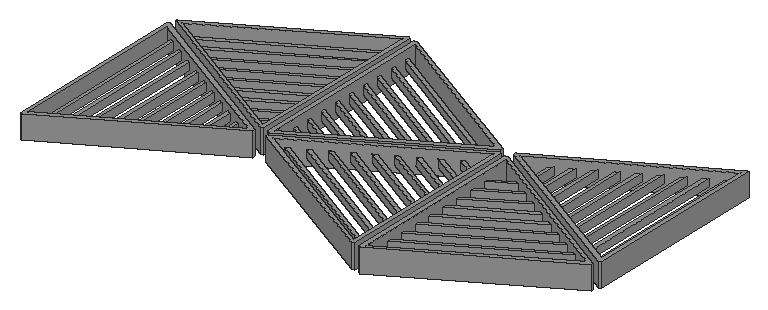
Revit family "CLD-FMD-004_RTV", category Modelos genéricos, Revit 2022
Family settings
  Puede alojar armadura = No
  Cota de conector redondo = Diámetro de uso
  Tipo de pieza = Normal
  Se basa en plano de trabajo = No
  Siempre vertical = Sí
  Corte con vacíos al cargar = No
  Mantener orientación de anotación = No
  Compartido = No
  Punto de cálculo de habitación = No
Parameters
  Elevación por defecto = 0.00"
Reference planes (in)
  plane 1 "Centro (Frontal/Posterior)": y = 0
  plane 2: z = 0
  plane 3 "Centro (Izquierda/Derecha)": x = 0
Forms (in)
  Extrusion 1, solid, not visible
    sketch origin (0, 0, 0) x (1, 0, 0) y (0, 1, 0)
      loop
        line (0, 2.25) -> (0, 0) -> (108, 0) -> (108, 2.25) -> (0, 2.25)
    from 0 to 8
  Extrusion 2, solid, not visible
    sketch origin (0, 0, 0) x (1, 0, 0) y (0, 1, 0)
      loop
        line (0, 2.25) -> (0, 0) -> (108, 0) -> (108, 2.25) -> (0, 2.25)
    from 0 to 8
  Extrusion 3, solid, not visible
    sketch origin (0, 8, 0) x (1, 0, 0) y (0, 1, 0)
      loop
        line (0, 2.25) -> (0, 0) -> (108, 0) -> (108, 2.25) -> (0, 2.25)
    from 0 to 8
  Extrusion 4, solid, not visible
    sketch origin (0, 16, 0) x (1, 0, 0) y (0, 1, 0)
      loop
        line (0, 2.25) -> (0, 0) -> (108, 0) -> (108, 2.25) -> (0, 2.25)
    from 0 to 8
  Extrusion 5, solid, not visible
    sketch origin (0, 24, 0) x (1, 0, 0) y (0, 1, 0)
      loop
        line (0, 2.25) -> (0, 0) -> (108, 0) -> (108, 2.25) -> (0, 2.25)
    from 0 to 8
  Extrusion 6, solid, not visible
    sketch origin (0, 32, 0) x (1, 0, 0) y (0, 1, 0)
      loop
        line (0, 2.25) -> (0, 0) -> (108, 0) -> (108, 2.25) -> (0, 2.25)
    from 0 to 8
  Extrusion 7, solid, not visible
    sketch origin (0, 40, 0) x (1, 0, 0) y (0, 1, 0)
      loop
        line (0, 2.25) -> (0, 0) -> (108, 0) -> (108, 2.25) -> (0, 2.25)
    from 0 to 8
  Extrusion 8, solid, not visible
    sketch origin (0, 48, 0) x (1, 0, 0) y (0, 1, 0)
      loop
        line (0, 2.25) -> (0, 0) -> (108, 0) -> (108, 2.25) -> (0, 2.25)
    from 0 to 8
  Extrusion 9, solid, not visible
    sketch origin (0, 56, 0) x (1, 0, 0) y (0, 1, 0)
      loop
        line (0, 2.25) -> (0, 0) -> (108, 0) -> (108, 2.25) -> (0, 2.25)
    from 0 to 8
  Extrusion 10, solid, not visible
    sketch origin (0, 64, 0) x (1, 0, 0) y (0, 1, 0)
      loop
        line (0, 2.25) -> (0, 0) -> (108, 0) -> (108, 2.25) -> (0, 2.25)
    from 0 to 8
  Extrusion 11, solid, not visible
    sketch origin (0, 72, 0) x (1, 0, 0) y (0, 1, 0)
      loop
        line (0, 2.25) -> (0, 0) -> (108, 0) -> (108, 2.25) -> (0, 2.25)
    from 0 to 8
  Extrusion 12, solid, not visible
    sketch origin (0, 80, 0) x (1, 0, 0) y (0, 1, 0)
      loop
        line (0, 2.25) -> (0, 0) -> (108, 0) -> (108, 2.25) -> (0, 2.25)
    from 0 to 8
  Extrusion 13, solid, not visible
    sketch origin (0, 88, 0) x (1, 0, 0) y (0, 1, 0)
      loop
        line (0, 2.25) -> (0, 0) -> (108, 0) -> (108, 2.25) -> (0, 2.25)
    from 0 to 8
  Extrusion 14, solid, not visible
    sketch origin (0, 96, 0) x (1, 0, 0) y (0, 1, 0)
      loop
        line (0, 2.25) -> (0, 0) -> (108, 0) -> (108, 2.25) -> (0, 2.25)
    from 0 to 8
  Extrusion 15, solid, not visible
    sketch origin (0, 104, 0) x (1, 0, 0) y (0, 1, 0)
      loop
        line (0, 2.25) -> (0, 0) -> (108, 0) -> (108, 2.25) -> (0, 2.25)
    from 0 to 8
  Extrusion 16, solid, not visible
    sketch origin (0, 112, 0) x (1, 0, 0) y (0, 1, 0)
      loop
        line (0, 2.25) -> (0, 0) -> (108, 0) -> (108, 2.25) -> (0, 2.25)
    from 0 to 8
  Extrusion 17, solid, not visible
    sketch origin (0, 120, 0) x (1, 0, 0) y (0, 1, 0)
      loop
        line (0, 2.25) -> (0, 0) -> (108, 0) -> (108, 2.25) -> (0, 2.25)
    from 0 to 8
  Extrusion 18, solid, not visible
    sketch origin (0, 128, 0) x (1, 0, 0) y (0, 1, 0)
      loop
        line (0, 2.25) -> (0, 0) -> (108, 0) -> (108, 2.25) -> (0, 2.25)
    from 0 to 8
  Extrusion 19, solid, not visible
    sketch origin (0, 136, 0) x (1, 0, 0) y (0, 1, 0)
      loop
        line (0, 2.25) -> (0, 0) -> (108, 0) -> (108, 2.25) -> (0, 2.25)
    from 0 to 8
  Extrusion 20, solid, not visible
    sketch origin (0, 144, 0) x (1, 0, 0) y (0, 1, 0)
      loop
        line (0, 2.25) -> (0, 0) -> (108, 0) -> (108, 2.25) -> (0, 2.25)
    from 0 to 8
  Extrusion 21, solid, not visible
    sketch origin (0, 152, 0) x (1, 0, 0) y (0, 1, 0)
      loop
        line (0, 2.25) -> (0, 0) -> (108, 0) -> (108, 2.25) -> (0, 2.25)
    from 0 to 8
  Extrusion 22, solid, not visible
    sketch origin (109, 0, 0) x (1, 0, 0) y (0, 1, 0)
      loop
        line (0, 2.25) -> (0, 0) -> (108, 0) -> (108, 2.25) -> (0, 2.25)
    from 0 to 8
  Extrusion 23, solid, not visible
    sketch origin (109, 8, 0) x (1, 0, 0) y (0, 1, 0)
      loop
        line (0, 2.25) -> (0, 0) -> (108, 0) -> (108, 2.25) -> (0, 2.25)
    from 0 to 8
  Extrusion 24, solid, not visible
    sketch origin (109, 16, 0) x (1, 0, 0) y (0, 1, 0)
      loop
        line (0, 2.25) -> (0, 0) -> (108, 0) -> (108, 2.25) -> (0, 2.25)
    from 0 to 8
  Extrusion 25, solid, not visible
    sketch origin (109, 24, 0) x (1, 0, 0) y (0, 1, 0)
      loop
        line (0, 2.25) -> (0, 0) -> (108, 0) -> (108, 2.25) -> (0, 2.25)
    from 0 to 8
  Extrusion 26, solid, not visible
    sketch origin (109, 32, 0) x (1, 0, 0) y (0, 1, 0)
      loop
        line (0, 2.25) -> (0, 0) -> (108, 0) -> (108, 2.25) -> (0, 2.25)
    from 0 to 8
  Extrusion 27, solid, not visible
    sketch origin (109, 40, 0) x (1, 0, 0) y (0, 1, 0)
      loop
        line (0, 2.25) -> (0, 0) -> (108, 0) -> (108, 2.25) -> (0, 2.25)
    from 0 to 8
  Extrusion 28, solid, not visible
    sketch origin (109, 48, 0) x (1, 0, 0) y (0, 1, 0)
      loop
        line (0, 2.25) -> (0, 0) -> (108, 0) -> (108, 2.25) -> (0, 2.25)
    from 0 to 8
  Extrusion 29, solid, not visible
    sketch origin (109, 56, 0) x (1, 0, 0) y (0, 1, 0)
      loop
        line (0, 2.25) -> (0, 0) -> (108, 0) -> (108, 2.25) -> (0, 2.25)
    from 0 to 8
  Extrusion 30, solid, not visible
    sketch origin (109, 64, 0) x (1, 0, 0) y (0, 1, 0)
      loop
        line (0, 2.25) -> (0, 0) -> (108, 0) -> (108, 2.25) -> (0, 2.25)
    from 0 to 8
  Extrusion 31, solid, not visible
    sketch origin (109, 72, 0) x (1, 0, 0) y (0, 1, 0)
      loop
        line (0, 2.25) -> (0, 0) -> (108, 0) -> (108, 2.25) -> (0, 2.25)
    from 0 to 8
  Extrusion 32, solid, not visible
    sketch origin (109, 80, 0) x (1, 0, 0) y (0, 1, 0)
      loop
        line (0, 2.25) -> (0, 0) -> (108, 0) -> (108, 2.25) -> (0, 2.25)
    from 0 to 8
  Extrusion 33, solid, not visible
    sketch origin (109, 88, 0) x (1, 0, 0) y (0, 1, 0)
      loop
        line (0, 2.25) -> (0, 0) -> (108, 0) -> (108, 2.25) -> (0, 2.25)
    from 0 to 8
  Extrusion 34, solid, not visible
    sketch origin (109, 96, 0) x (1, 0, 0) y (0, 1, 0)
      loop
        line (0, 2.25) -> (0, 0) -> (108, 0) -> (108, 2.25) -> (0, 2.25)
    from 0 to 8
  Extrusion 35, solid, not visible
    sketch origin (109, 104, 0) x (1, 0, 0) y (0, 1, 0)
      loop
        line (0, 2.25) -> (0, 0) -> (108, 0) -> (108, 2.25) -> (0, 2.25)
    from 0 to 8
  Extrusion 36, solid, not visible
    sketch origin (109, 112, 0) x (1, 0, 0) y (0, 1, 0)
      loop
        line (0, 2.25) -> (0, 0) -> (108, 0) -> (108, 2.25) -> (0, 2.25)
    from 0 to 8
  Extrusion 37, solid, not visible
    sketch origin (109, 120, 0) x (1, 0, 0) y (0, 1, 0)
      loop
        line (0, 2.25) -> (0, 0) -> (108, 0) -> (108, 2.25) -> (0, 2.25)
    from 0 to 8
  Extrusion 38, solid, not visible
    sketch origin (109, 128, 0) x (1, 0, 0) y (0, 1, 0)
      loop
        line (0, 2.25) -> (0, 0) -> (108, 0) -> (108, 2.25) -> (0, 2.25)
    from 0 to 8
  Extrusion 39, solid, not visible
    sketch origin (109, 136, 0) x (1, 0, 0) y (0, 1, 0)
      loop
        line (0, 2.25) -> (0, 0) -> (108, 0) -> (108, 2.25) -> (0, 2.25)
    from 0 to 8
  Extrusion 40, solid, not visible
    sketch origin (109, 144, 0) x (1, 0, 0) y (0, 1, 0)
      loop
        line (0, 2.25) -> (0, 0) -> (108, 0) -> (108, 2.25) -> (0, 2.25)
    from 0 to 8
  Extrusion 41, solid, not visible
    sketch origin (109, 152, 0) x (1, 0, 0) y (0, 1, 0)
      loop
        line (0, 2.25) -> (0, 0) -> (108, 0) -> (108, 2.25) -> (0, 2.25)
    from 0 to 8
  Extrusion 42, solid, not visible
    sketch origin (-108, 0, 0) x (1, 0, 0) y (0, 1, 0)
      loop
        line (0, 2.25) -> (0, 0) -> (108, 0) -> (108, 2.25) -> (0, 2.25)
    from 0 to 8
  Extrusion 43, solid, not visible
    sketch origin (-108, 8, 0) x (1, 0, 0) y (0, 1, 0)
      loop
        line (0, 2.25) -> (0, 0) -> (108, 0) -> (108, 2.25) -> (0, 2.25)
    from 0 to 8
  Extrusion 44, solid, not visible
    sketch origin (-108, 16, 0) x (1, 0, 0) y (0, 1, 0)
      loop
        line (0, 2.25) -> (0, 0) -> (108, 0) -> (108, 2.25) -> (0, 2.25)
    from 0 to 8
  Extrusion 45, solid, not visible
    sketch origin (-108, 24, 0) x (1, 0, 0) y (0, 1, 0)
      loop
        line (0, 2.25) -> (0, 0) -> (108, 0) -> (108, 2.25) -> (0, 2.25)
    from 0 to 8
  Extrusion 46, solid, not visible
    sketch origin (-108, 32, 0) x (1, 0, 0) y (0, 1, 0)
      loop
        line (0, 2.25) -> (0, 0) -> (108, 0) -> (108, 2.25) -> (0, 2.25)
    from 0 to 8
  Extrusion 47, solid, not visible
    sketch origin (-108, 40, 0) x (1, 0, 0) y (0, 1, 0)
      loop
        line (0, 2.25) -> (0, 0) -> (108, 0) -> (108, 2.25) -> (0, 2.25)
    from 0 to 8
  Extrusion 48, solid, not visible
    sketch origin (1, 0, 0) x (1, 0, 0) y (0, 1, 0)
      loop
        line (0, 2.25) -> (0, 0) -> (108, 0) -> (108, 2.25) -> (0, 2.25)
    from 0 to 8
  Extrusion 49, solid, not visible
    sketch origin (1, 8, 0) x (1, 0, 0) y (0, 1, 0)
      loop
        line (0, 2.25) -> (0, 0) -> (108, 0) -> (108, 2.25) -> (0, 2.25)
    from 0 to 8
  Extrusion 50, solid, not visible
    sketch origin (1, 16, 0) x (1, 0, 0) y (0, 1, 0)
      loop
        line (0, 2.25) -> (0, 0) -> (108, 0) -> (108, 2.25) -> (0, 2.25)
    from 0 to 8
  Extrusion 51, solid, not visible
    sketch origin (1, 24, 0) x (1, 0, 0) y (0, 1, 0)
      loop
        line (0, 2.25) -> (0, 0) -> (108, 0) -> (108, 2.25) -> (0, 2.25)
    from 0 to 8
  Extrusion 52, solid, not visible
    sketch origin (1, 32, 0) x (1, 0, 0) y (0, 1, 0)
      loop
        line (0, 2.25) -> (0, 0) -> (108, 0) -> (108, 2.25) -> (0, 2.25)
    from 0 to 8
  Extrusion 53, solid, not visible
    sketch origin (1, 40, 0) x (1, 0, 0) y (0, 1, 0)
      loop
        line (0, 2.25) -> (0, 0) -> (108, 0) -> (108, 2.25) -> (0, 2.25)
    from 0 to 8
  Extrusion 54, solid, not visible
    sketch origin (-108, 48, 0) x (1, 0, 0) y (0, 1, 0)
      loop
        line (0, 2.25) -> (0, 0) -> (108, 0) -> (108, 2.25) -> (0, 2.25)
    from 0 to 8
  Extrusion 55, solid, not visible
    sketch origin (-108, 56, 0) x (1, 0, 0) y (0, 1, 0)
      loop
        line (0, 2.25) -> (0, 0) -> (108, 0) -> (108, 2.25) -> (0, 2.25)
    from 0 to 8
  Extrusion 56, solid, not visible
    sketch origin (-108, 64, 0) x (1, 0, 0) y (0, 1, 0)
      loop
        line (0, 2.25) -> (0, 0) -> (108, 0) -> (108, 2.25) -> (0, 2.25)
    from 0 to 8
  Extrusion 57, solid, not visible
    sketch origin (-108, 72, 0) x (1, 0, 0) y (0, 1, 0)
      loop
        line (0, 2.25) -> (0, 0) -> (108, 0) -> (108, 2.25) -> (0, 2.25)
    from 0 to 8
  Extrusion 58, solid, not visible
    sketch origin (-108, 80, 0) x (1, 0, 0) y (0, 1, 0)
      loop
        line (0, 2.25) -> (0, 0) -> (108, 0) -> (108, 2.25) -> (0, 2.25)
    from 0 to 8
  Extrusion 59, solid, not visible
    sketch origin (1, 48, 0) x (1, 0, 0) y (0, 1, 0)
      loop
        line (0, 2.25) -> (0, 0) -> (108, 0) -> (108, 2.25) -> (0, 2.25)
    from 0 to 8
  Extrusion 60, solid, not visible
    sketch origin (1, 56, 0) x (1, 0, 0) y (0, 1, 0)
      loop
        line (0, 2.25) -> (0, 0) -> (108, 0) -> (108, 2.25) -> (0, 2.25)
    from 0 to 8
  Extrusion 61, solid, not visible
    sketch origin (1, 64, 0) x (1, 0, 0) y (0, 1, 0)
      loop
        line (0, 2.25) -> (0, 0) -> (108, 0) -> (108, 2.25) -> (0, 2.25)
    from 0 to 8
  Extrusion 62, solid, not visible
    sketch origin (1, 72, 0) x (1, 0, 0) y (0, 1, 0)
      loop
        line (0, 2.25) -> (0, 0) -> (108, 0) -> (108, 2.25) -> (0, 2.25)
    from 0 to 8
  Extrusion 63, solid, not visible
    sketch origin (1, 80, 0) x (1, 0, 0) y (0, 1, 0)
      loop
        line (0, 2.25) -> (0, 0) -> (108, 0) -> (108, 2.25) -> (0, 2.25)
    from 0 to 8
  Extrusion 64, solid, not visible
    sketch origin (-108, 88, 0) x (1, 0, 0) y (0, 1, 0)
      loop
        line (0, 2.25) -> (0, 0) -> (108, 0) -> (108, 2.25) -> (0, 2.25)
    from 0 to 8
  Extrusion 65, solid, not visible
    sketch origin (-108, 96, 0) x (1, 0, 0) y (0, 1, 0)
      loop
        line (0, 2.25) -> (0, 0) -> (108, 0) -> (108, 2.25) -> (0, 2.25)
    from 0 to 8
  Extrusion 66, solid, not visible
    sketch origin (-108, 104, 0) x (1, 0, 0) y (0, 1, 0)
      loop
        line (0, 2.25) -> (0, 0) -> (108, 0) -> (108, 2.25) -> (0, 2.25)
    from 0 to 8
  Extrusion 67, solid, not visible
    sketch origin (-108, 112, 0) x (1, 0, 0) y (0, 1, 0)
      loop
        line (0, 2.25) -> (0, 0) -> (108, 0) -> (108, 2.25) -> (0, 2.25)
    from 0 to 8
  Extrusion 68, solid, not visible
    sketch origin (-108, 120, 0) x (1, 0, 0) y (0, 1, 0)
      loop
        line (0, 2.25) -> (0, 0) -> (108, 0) -> (108, 2.25) -> (0, 2.25)
    from 0 to 8
  Extrusion 69, solid, not visible
    sketch origin (1, 88, 0) x (1, 0, 0) y (0, 1, 0)
      loop
        line (0, 2.25) -> (0, 0) -> (108, 0) -> (108, 2.25) -> (0, 2.25)
    from 0 to 8
  Extrusion 70, solid, not visible
    sketch origin (1, 96, 0) x (1, 0, 0) y (0, 1, 0)
      loop
        line (0, 2.25) -> (0, 0) -> (108, 0) -> (108, 2.25) -> (0, 2.25)
    from 0 to 8
  Extrusion 71, solid, not visible
    sketch origin (1, 104, 0) x (1, 0, 0) y (0, 1, 0)
      loop
        line (0, 2.25) -> (0, 0) -> (108, 0) -> (108, 2.25) -> (0, 2.25)
    from 0 to 8
  Extrusion 72, solid, not visible
    sketch origin (1, 112, 0) x (1, 0, 0) y (0, 1, 0)
      loop
        line (0, 2.25) -> (0, 0) -> (108, 0) -> (108, 2.25) -> (0, 2.25)
    from 0 to 8
  Extrusion 73, solid, not visible
    sketch origin (1, 120, 0) x (1, 0, 0) y (0, 1, 0)
      loop
        line (0, 2.25) -> (0, 0) -> (108, 0) -> (108, 2.25) -> (0, 2.25)
    from 0 to 8
  Extrusion 74, solid, not visible
    sketch origin (-108, 128, 0) x (1, 0, 0) y (0, 1, 0)
      loop
        line (0, 2.25) -> (0, 0) -> (108, 0) -> (108, 2.25) -> (0, 2.25)
    from 0 to 8
  Extrusion 75, solid, not visible
    sketch origin (-108, 136, 0) x (1, 0, 0) y (0, 1, 0)
      loop
        line (0, 2.25) -> (0, 0) -> (108, 0) -> (108, 2.25) -> (0, 2.25)
    from 0 to 8
  Extrusion 76, solid, not visible
    sketch origin (-108, 144, 0) x (1, 0, 0) y (0, 1, 0)
      loop
        line (0, 2.25) -> (0, 0) -> (108, 0) -> (108, 2.25) -> (0, 2.25)
    from 0 to 8
  Extrusion 77, solid, not visible
    sketch origin (-108, 152, 0) x (1, 0, 0) y (0, 1, 0)
      loop
        line (0, 2.25) -> (0, 0) -> (108, 0) -> (108, 2.25) -> (0, 2.25)
    from 0 to 8
  Extrusion 78, solid, not visible
    sketch origin (-108, 160, 0) x (1, 0, 0) y (0, 1, 0)
      loop
        line (0, 2.25) -> (0, 0) -> (108, 0) -> (108, 2.25) -> (0, 2.25)
    from 0 to 8
  Extrusion 79, solid, not visible
    sketch origin (1, 128, 0) x (1, 0, 0) y (0, 1, 0)
      loop
        line (0, 2.25) -> (0, 0) -> (108, 0) -> (108, 2.25) -> (0, 2.25)
    from 0 to 8
  Extrusion 80, solid, not visible
    sketch origin (1, 136, 0) x (1, 0, 0) y (0, 1, 0)
      loop
        line (0, 2.25) -> (0, 0) -> (108, 0) -> (108, 2.25) -> (0, 2.25)
    from 0 to 8
  Extrusion 81, solid, not visible
    sketch origin (1, 144, 0) x (1, 0, 0) y (0, 1, 0)
      loop
        line (0, 2.25) -> (0, 0) -> (108, 0) -> (108, 2.25) -> (0, 2.25)
    from 0 to 8
  Extrusion 82, solid, not visible
    sketch origin (1, 152, 0) x (1, 0, 0) y (0, 1, 0)
      loop
        line (0, 2.25) -> (0, 0) -> (108, 0) -> (108, 2.25) -> (0, 2.25)
    from 0 to 8
  Extrusion 83, solid, not visible
    sketch origin (1, 160, 0) x (1, 0, 0) y (0, 1, 0)
      loop
        line (0, 2.25) -> (0, 0) -> (108, 0) -> (108, 2.25) -> (0, 2.25)
    from 0 to 8
  Extrusion 84, solid, not visible
    sketch origin (0, 0, 0) x (1, 0, 0) y (0, 1, 0)
      loop
        line (0, 3) -> (0, 0) -> (108, 0) -> (108, 3) -> (0, 3)
    from 0 to 8
  Extrusion 85, void, not visible
    sketch origin (0, 0, 0) x (1, 0, 0) y (0, 1, 0)
      loop
        line (6, 2) -> (6, 1) -> (66, 1) -> (66, 2) -> (6, 2)
    from 0 to 1.03
  Extrusion 86, solid, not visible
    sketch origin (0, 0, 0) x (1, 0, 0) y (0, 1, 0)
      loop
        line (0, 3) -> (0, 0) -> (108, 0) -> (108, 3) -> (0, 3)
    from 0 to 8
  Extrusion 87, void, not visible
    sketch origin (0, 0, 0) x (1, 0, 0) y (0, 1, 0)
      loop
        line (6, 2) -> (6, 1) -> (66, 1) -> (66, 2) -> (6, 2)
    from 0 to 1.03
  Extrusion 88, solid, not visible
    sketch origin (0, 0, 0) x (1, 0, 0) y (0, 1, 0)
      loop
        line (6, 2) -> (6, 1) -> (66, 1) -> (66, 2) -> (6, 2)
    from 0 to 1.03
  Extrusion 89, solid, not visible
    sketch origin (0, 32, 0) x (1, 0, 0) y (0, 1, 0)
      loop
        line (0, 3) -> (0, 0) -> (108, 0) -> (108, 3) -> (0, 3)
    from 0 to 8
  Extrusion 90, void, not visible
    sketch origin (0, 32, 0) x (1, 0, 0) y (0, 1, 0)
      loop
        line (6, 2) -> (6, 1) -> (102, 1) -> (102, 2) -> (6, 2)
    from 0 to 1.03
  Extrusion 91, solid, not visible
    sketch origin (8.95842, -18.67436, 0) x (1, 0, 0) y (0, 1, 0)
      loop
        line (-8.48642, 97.64679) -> (-8.48642, 97.17436) -> (98.56914, 97.17436) -> (98.56914, 97.64679) -> (-8.48642, 97.64679)
    from 0.59055 to 8
  Extrusion 92, solid, not visible
    sketch origin (8.95842, -16.6468, 0) x (1, 0, 0) y (0, 1, 0)
      loop
        line (-8.48642, 97.64679) -> (-8.48642, 97.17436) -> (98.56914, 97.17436) -> (98.56914, 97.64679) -> (-8.48642, 97.64679)
    from 0.59055 to 8
  Extrusion 93, solid, not visible
    sketch origin (60.46912, 110.28574, 0) x (1, 0, 0) y (0, 1, 0)
      loop
        line (45.03088, -29.28574) -> (-57.96911, -29.28574) -> (-57.96911, -31.78574) -> (45.03088, -31.78574) -> (45.03088, -29.28574)
      loop
        line (23.78088, -31.03574) -> (41.78088, -31.03574) -> (41.78088, -30.03574) -> (23.78088, -30.03574) -> (23.78088, -31.03574)
      loop
        line (-54.71912, -31.03574) -> (-36.71912, -31.03574) -> (-36.71912, -30.03574) -> (-54.71912, -30.03574) -> (-54.71912, -31.03574)
    from 0 to 0.59055
  Extrusion 94, solid, not visible
    sketch origin (108, 51.5, 0) x (0, 1, 0) y (-1, 0, 0)
      loop
        line (27.75, 102.25) -> (27.75, 84.25) -> (28.75, 84.25) -> (28.75, 102.25) -> (27.75, 102.25)
    from 0 to 1
  Extrusion 95, solid, not visible
    sketch origin (186.5, 51.5, 0) x (0, 1, 0) y (-1, 0, 0)
      loop
        line (27.75, 102.25) -> (27.75, 84.25) -> (28.75, 84.25) -> (28.75, 102.25) -> (27.75, 102.25)
    from 0 to 1
  Extrusion 96, solid, not visible
    sketch origin (8.95842, -44.42438, 0) x (1, 0, 0) y (0, 1, 0)
      loop
        line (-8.48642, 97.64679) -> (-8.48642, 97.17436) -> (98.56914, 97.17436) -> (98.56914, 97.64679) -> (-8.48642, 97.64679)
    from 0.59055 to 8
  Extrusion 97, solid, not visible
    sketch origin (8.95842, -42.39682, 0) x (1, 0, 0) y (0, 1, 0)
      loop
        line (-8.48642, 97.64679) -> (-8.48642, 97.17436) -> (98.56914, 97.17436) -> (98.56914, 97.64679) -> (-8.48642, 97.64679)
    from 0.59055 to 8
  Extrusion 98, solid, not visible
    sketch origin (60.46912, 84.53571, 0) x (1, 0, 0) y (0, 1, 0)
      loop
        line (45.03088, -29.28574) -> (-57.96911, -29.28574) -> (-57.96911, -31.78574) -> (45.03088, -31.78574) -> (45.03088, -29.28574)
      loop
        line (-28.96912, -31.03574) -> (-10.96912, -31.03574) -> (-10.96912, -30.03574) -> (-28.96912, -30.03574) -> (-28.96912, -31.03574)
      loop
        line (-3.21912, -31.03571) -> (14.78088, -31.03571) -> (14.78088, -30.03571) -> (-3.21912, -30.03571) -> (-3.21912, -31.03571)
    from 0 to 0.59055
  Extrusion 99, solid, not visible
    sketch origin (133.74998, 25.74998, 0) x (0, 1, 0) y (-1, 0, 0)
      loop
        line (27.75, 102.25) -> (27.75, 84.25) -> (28.75, 84.25) -> (28.75, 102.25) -> (27.75, 102.25)
    from 0 to 1
  Extrusion 100, solid, not visible
    sketch origin (159.49998, 25.74998, 0) x (0, 1, 0) y (-1, 0, 0)
      loop
        line (27.75, 102.25) -> (27.75, 84.25) -> (28.75, 84.25) -> (28.75, 102.25) -> (27.75, 102.25)
    from 0 to 1
  Extrusion 101, solid, not visible
    sketch origin (8.95842, -70.17436, 0) x (1, 0, 0) y (0, 1, 0)
      loop
        line (-8.48642, 97.64679) -> (-8.48642, 97.17436) -> (98.56914, 97.17436) -> (98.56914, 97.64679) -> (-8.48642, 97.64679)
    from 0.59055 to 8
  Extrusion 102, solid, not visible
    sketch origin (8.95842, -68.1468, 0) x (1, 0, 0) y (0, 1, 0)
      loop
        line (-8.48642, 97.64679) -> (-8.48642, 97.17436) -> (98.56914, 97.17436) -> (98.56914, 97.64679) -> (-8.48642, 97.64679)
    from 0.59055 to 8
  Extrusion 103, solid, not visible
    sketch origin (60.46912, 58.78574, 0) x (1, 0, 0) y (0, 1, 0)
      loop
        line (45.03088, -29.28574) -> (-57.96911, -29.28574) -> (-57.96911, -31.78574) -> (45.03088, -31.78574) -> (45.03088, -29.28574)
      loop
        line (23.78088, -31.03574) -> (41.78088, -31.03574) -> (41.78088, -30.03574) -> (23.78088, -30.03574) -> (23.78088, -31.03574)
      loop
        line (-54.71912, -31.03574) -> (-36.71912, -31.03574) -> (-36.71912, -30.03574) -> (-54.71912, -30.03574) -> (-54.71912, -31.03574)
    from 0 to 0.59055
  Extrusion 104, solid, not visible
    sketch origin (108, 0, 0) x (0, 1, 0) y (-1, 0, 0)
      loop
        line (27.75, 102.25) -> (27.75, 84.25) -> (28.75, 84.25) -> (28.75, 102.25) -> (27.75, 102.25)
    from 0 to 1
  Extrusion 105, solid, not visible
    sketch origin (186.5, 0, 0) x (0, 1, 0) y (-1, 0, 0)
      loop
        line (27.75, 102.25) -> (27.75, 84.25) -> (28.75, 84.25) -> (28.75, 102.25) -> (27.75, 102.25)
    from 0 to 1
  Extrusion 106, solid, not visible
    sketch origin (-70.17436, 99.04114, 0) x (0, -1, 0) y (1, 0, 0)
      loop
        line (-8.48642, 97.64679) -> (-8.48642, 97.17436) -> (98.56914, 97.17436) -> (98.56914, 97.64679) -> (-8.48642, 97.64679)
    from 0.59055 to 8
  Extrusion 107, solid, not visible
    sketch origin (-68.1468, 99.04114, 0) x (0, -1, 0) y (1, 0, 0)
      loop
        line (-8.48642, 97.64679) -> (-8.48642, 97.17436) -> (98.56914, 97.17436) -> (98.56914, 97.64679) -> (-8.48642, 97.64679)
    from 0.59055 to 8
  Extrusion 108, solid, not visible
    sketch origin (-2.28571, 86.21912, 0) x (0, 1, 0) y (-1, 0, 0)
      loop
        line (19.28088, -29.28574) -> (-83.71912, -29.28574) -> (-83.71912, -31.78574) -> (19.28088, -31.78574) -> (19.28088, -29.28574)
      loop
        line (16.03088, -31.03571) -> (16.03088, -30.03571) -> (-1.96912, -30.03571) -> (-1.96912, -31.03571) -> (16.03088, -31.03571)
      loop
        line (-62.46912, -31.03571) -> (-62.46912, -30.03571) -> (-80.46912, -30.03571) -> (-80.46912, -31.03571) -> (-62.46912, -31.03571)
    from 0 to 0.59055
  Extrusion 109, solid, not visible
    sketch origin (0, 0, 0) x (1, 0, 0) y (0, 1, 0)
      loop
        line (27.75, 102.25) -> (27.75, 84.25) -> (28.75, 84.25) -> (28.75, 102.25) -> (27.75, 102.25)
    from 0 to 1
  Extrusion 110, solid, not visible
    sketch origin (0, -78.5, 0) x (1, 0, 0) y (0, 1, 0)
      loop
        line (27.75, 102.25) -> (27.75, 84.25) -> (28.75, 84.25) -> (28.75, 102.25) -> (27.75, 102.25)
    from 0 to 1
  Extrusion 111, solid, not visible
    sketch origin (-44.89438, 99.04114, 0) x (0, -1, 0) y (1, 0, 0)
      loop
        line (-8.48642, 97.64679) -> (-8.48642, 97.17436) -> (98.56914, 97.17436) -> (98.56914, 97.64679) -> (-8.48642, 97.64679)
    from 0.59055 to 8
  Extrusion 112, solid, not visible
    sketch origin (-42.39682, 99.04114, 0) x (0, -1, 0) y (1, 0, 0)
      loop
        line (-8.48642, 97.64679) -> (-8.48642, 97.17436) -> (98.56914, 97.17436) -> (98.56914, 97.64679) -> (-8.48642, 97.64679)
    from 0.59055 to 8
  Extrusion 113, solid, not visible
    sketch origin (23.46427, 86.21912, 0) x (0, 1, 0) y (-1, 0, 0)
      loop
        line (19.28088, -28.81571) -> (-83.71912, -28.81571) -> (-83.71912, -31.78574) -> (19.28088, -31.78574) -> (19.28088, -28.81571)
      loop
        line (-28.96912, -29.78573) -> (-28.96912, -30.78571) -> (-10.96912, -30.78571) -> (-10.96912, -29.78573) -> (-28.96912, -29.78573)
      loop
        line (-54.71914, -29.78573) -> (-54.71914, -30.78573) -> (-36.71914, -30.78573) -> (-36.71914, -29.78573) -> (-54.71914, -29.78573)
    from 0 to 0.59055
  Extrusion 114, solid, not visible
    sketch origin (25.74998, -27, 0) x (1, 0, 0) y (0, 1, 0)
      loop
        line (27.50002, 102.25) -> (27.50002, 84.25) -> (28.5, 84.25) -> (28.5, 102.25) -> (27.50002, 102.25)
    from 0 to 1
  Extrusion 115, solid, not visible
    sketch origin (25.74998, -52.75002, 0) x (1, 0, 0) y (0, 1, 0)
      loop
        line (27.50002, 102.25) -> (27.50002, 84.25) -> (28.50002, 84.25) -> (28.50002, 102.25) -> (27.50002, 102.25)
    from 0 to 1
  Extrusion 116, solid, not visible
    sketch origin (-18.67436, 99.04114, 0) x (0, -1, 0) y (1, 0, 0)
      loop
        line (-8.48642, 97.64679) -> (-8.48642, 97.17436) -> (98.56914, 97.17436) -> (98.56914, 97.64679) -> (-8.48642, 97.64679)
    from 0.59055 to 8
  Extrusion 117, solid, not visible
    sketch origin (-16.6468, 99.04114, 0) x (0, -1, 0) y (1, 0, 0)
      loop
        line (-8.48642, 97.64679) -> (-8.48642, 97.17436) -> (98.56914, 97.17436) -> (98.56914, 97.64679) -> (-8.48642, 97.64679)
    from 0.59055 to 8
  Extrusion 118, solid, not visible
    sketch origin (49.21426, 86.21912, 0) x (0, 1, 0) y (-1, 0, 0)
      loop
        line (19.28088, -29.28574) -> (-83.71912, -29.28574) -> (-83.71912, -31.78574) -> (19.28088, -31.78574) -> (19.28088, -29.28574)
      loop
        line (16.03088, -31.03571) -> (16.03088, -30.03571) -> (-1.96912, -30.03571) -> (-1.96912, -31.03571) -> (16.03088, -31.03571)
      loop
        line (-62.46912, -31.03571) -> (-62.46912, -30.03571) -> (-80.46912, -30.03571) -> (-80.46912, -31.03571) -> (-62.46912, -31.03571)
    from 0 to 0.59055
  Extrusion 119, solid, not visible
    sketch origin (51.49997, 0, 0) x (1, 0, 0) y (0, 1, 0)
      loop
        line (27.75, 102.25) -> (27.75, 84.25) -> (28.75, 84.25) -> (28.75, 102.25) -> (27.75, 102.25)
    from 0 to 1
  Extrusion 120, solid, not visible
    sketch origin (51.49997, -78.5, 0) x (1, 0, 0) y (0, 1, 0)
      loop
        line (27.75, 102.25) -> (27.75, 84.25) -> (28.75, 84.25) -> (28.75, 102.25) -> (27.75, 102.25)
    from 0 to 1
  Extrusion 121, solid, not visible
    sketch origin (10.23509, 91.82771, 0) x (0, -1, 0) y (1, 0, 0)
      loop
        line (-16.17229, 97.76491) -> (-15.69986, 97.29248) -> (91.35527, 97.29248) -> (91.82771, 97.76491) -> (-16.17229, 97.76491)
    from 0.59055 to 8
  Extrusion 122, solid, not visible
    sketch origin (137.28574, 61.88413, 0) x (0, 1, 0) y (-1, 0, 0)
      loop
        line (46.11587, 29.28574) -> (43.61587, 31.78574) -> (-59.38412, 31.78574) -> (-61.88412, 29.28574) -> (46.11587, 29.28574)
    from 0 to 0.59055
  Extrusion 123, solid, not visible
    sketch origin (8.20754, 91.82771, 0) x (0, -1, 0) y (1, 0, 0)
      loop
        line (-14.14474, 97.76491) -> (-13.67231, 97.29248) -> (89.32772, 97.29248) -> (89.80016, 97.76491) -> (-14.14474, 97.76491)
    from 0.59055 to 8.22418
  Extrusion 124, solid, not visible
    sketch origin (18.95842, 10.23509, 0) x (1, 0, 0) y (0, 1, 0)
      loop
        line (-18.95842, 97.76491) -> (-18.48598, 97.29247) -> (88.56914, 97.29247) -> (89.04158, 97.76491) -> (-18.95842, 97.76491)
    from 0.59055 to 8
  Extrusion 125, solid, not visible
    sketch origin (61.88413, 137.28574, 0) x (1, 0, 0) y (0, 1, 0)
      loop
        line (46.11587, -29.28574) -> (-61.88412, -29.28574) -> (-59.38412, -31.78574) -> (43.61587, -31.78574) -> (46.11587, -29.28574)
    from 0 to 0.59055
  Extrusion 126, solid, not visible
    sketch origin (18.95842, 8.20753, 0) x (1, 0, 0) y (0, 1, 0)
      loop
        line (-16.93086, 97.76491) -> (-16.45842, 97.29247) -> (86.54158, 97.29247) -> (87.01402, 97.76491) -> (-16.93086, 97.76491)
    from 0.59055 to 8
  Extrusion 127, solid, not visible
    sketch origin (-101.24865, 87.31603, 0) x (0, -1, 0) y (1, 0, 0)
      loop
        line (-20.21152, 101.72109) -> (-20.68397, 101.24865) -> (87.31604, 101.24865) -> (86.84359, 101.72109) -> (-20.21152, 101.72109)
    from 0.47244 to 8
  Extrusion 128, solid, not visible
    sketch origin (-29.28573, 61.88413, 0) x (0, 1, 0) y (-1, 0, 0)
      loop
        line (46.11587, -29.28574) -> (-61.88412, -29.28574) -> (-59.38412, -31.78574) -> (43.61587, -31.78574) -> (46.11587, -29.28574)
    from 0 to 0.59055
  Extrusion 129, solid, not visible
    sketch origin (-99.22109, 87.31603, 0) x (0, -1, 0) y (1, 0, 0)
      loop
        line (-18.18396, 101.72109) -> (-18.65641, 101.24865) -> (85.28848, 101.24865) -> (84.81603, 101.72109) -> (-18.18396, 101.72109)
    from 0.47244 to 8
  Extrusion 130, solid, not visible
    sketch origin (61.88413, -29.28574, 0) x (1, 0, 0) y (0, 1, 0)
      loop
        line (46.11587, 29.28574) -> (43.61587, 31.78574) -> (-59.38412, 31.78574) -> (-61.88412, 29.28574) -> (46.11587, 29.28574)
    from 0 to 0.47244
  Extrusion 131, solid, not visible
    sketch origin (8.95842, -97.17435, 0) x (1, 0, 0) y (0, 1, 0)
      loop
        line (-8.48598, 97.64679) -> (-8.95842, 97.17436) -> (99.04157, 97.17436) -> (98.56914, 97.64679) -> (-8.48598, 97.64679)
    from 0.59055 to 8
  Extrusion 132, solid, not visible
    sketch origin (8.95842, -95.14679, 0) x (1, 0, 0) y (0, 1, 0)
      loop
        line (-6.45842, 97.64679) -> (-6.93085, 97.17436) -> (97.01401, 97.17436) -> (96.54158, 97.64679) -> (-6.45842, 97.64679)
    from 0.59055 to 8
  Extrusion 133, solid, not visible
    sketch origin (61.88413, -29.28574, 0) x (1, 0, 0) y (0, 1, 0)
      loop
        line (46.11587, 29.28574) -> (43.61587, 31.78574) -> (-59.38412, 31.78574) -> (-61.88412, 29.28574) -> (46.11587, 29.28574)
    from 0 to 0.47244
  Extrusion 134, solid, not visible
    sketch origin (18.95842, 10.23509, 0) x (1, 0, 0) y (0, 1, 0)
      loop
        line (-18.95842, 97.76491) -> (-18.48598, 97.29247) -> (88.56914, 97.29247) -> (89.04158, 97.76491) -> (-18.95842, 97.76491)
    from 0.59055 to 8
  Extrusion 135, solid, not visible
    sketch origin (8.95842, -97.17435, 0) x (1, 0, 0) y (0, 1, 0)
      loop
        line (-8.48598, 97.64679) -> (-8.95842, 97.17436) -> (99.04157, 97.17436) -> (98.56914, 97.64679) -> (-8.48598, 97.64679)
    from 0.59055 to 8
  Extrusion 136, solid, not visible
    sketch origin (10.23509, 91.82771, 0) x (0, -1, 0) y (1, 0, 0)
      loop
        line (-16.17229, 97.76491) -> (-15.69986, 97.29248) -> (91.35527, 97.29248) -> (91.82771, 97.76491) -> (-16.17229, 97.76491)
    from 0.59055 to 8
  Extrusion 137, solid, not visible
    sketch origin (-101.24865, 87.31603, 0) x (0, -1, 0) y (1, 0, 0)
      loop
        line (-20.21152, 101.72109) -> (-20.68397, 101.24865) -> (87.31604, 101.24865) -> (86.84359, 101.72109) -> (-20.21152, 101.72109)
    from 0.47244 to 8
  Extrusion 138, solid, not visible
    sketch origin (61.88413, 137.28574, 0) x (1, 0, 0) y (0, 1, 0)
      loop
        line (46.11587, -29.28574) -> (-61.88412, -29.28574) -> (-59.38412, -31.78574) -> (43.61587, -31.78574) -> (46.11587, -29.28574)
    from 0 to 0.59055
  Extrusion 139, solid, not visible
    sketch origin (-29.28573, 61.88413, 0) x (0, 1, 0) y (-1, 0, 0)
      loop
        line (46.11587, -29.28574) -> (-61.88412, -29.28574) -> (-59.38412, -31.78574) -> (43.61587, -31.78574) -> (46.11587, -29.28574)
    from 0 to 0.59055
  Extrusion 140, solid, not visible
    sketch origin (137.28574, 61.88413, 0) x (0, 1, 0) y (-1, 0, 0)
      loop
        line (46.11587, 29.28574) -> (43.61587, 31.78574) -> (-59.38412, 31.78574) -> (-61.88412, 29.28574) -> (46.11587, 29.28574)
    from 0 to 0.59055
  Extrusion 141, solid, not visible
    sketch origin (8.95842, -95.14679, 0) x (1, 0, 0) y (0, 1, 0)
      loop
        line (-6.45842, 97.64679) -> (-6.93085, 97.17436) -> (97.01401, 97.17436) -> (96.54158, 97.64679) -> (-6.45842, 97.64679)
    from 0.59055 to 8
  Extrusion 142, solid, not visible
    sketch origin (-99.22109, 87.31603, 0) x (0, -1, 0) y (1, 0, 0)
      loop
        line (-18.18396, 101.72109) -> (-18.65641, 101.24865) -> (85.28848, 101.24865) -> (84.81603, 101.72109) -> (-18.18396, 101.72109)
    from 0.47244 to 8
  Extrusion 143, solid, not visible
    sketch origin (18.95842, 8.20753, 0) x (1, 0, 0) y (0, 1, 0)
      loop
        line (-16.93086, 97.76491) -> (-16.45842, 97.29247) -> (86.54158, 97.29247) -> (87.01402, 97.76491) -> (-16.93086, 97.76491)
    from 0.59055 to 8
  Extrusion 144, solid, not visible
    sketch origin (8.20754, 91.82771, 0) x (0, -1, 0) y (1, 0, 0)
      loop
        line (-14.14474, 97.76491) -> (-13.67231, 97.29248) -> (89.32772, 97.29248) -> (89.80016, 97.76491) -> (-14.14474, 97.76491)
    from 0.59055 to 8.22418
  Extrusion 145, solid, not visible
    sketch origin (8.95842, -70.17436, 0) x (1, 0, 0) y (0, 1, 0)
      loop
        line (-8.48642, 97.64679) -> (-8.48642, 97.17436) -> (98.56914, 97.17436) -> (98.56914, 97.64679) -> (-8.48642, 97.64679)
    from 0.59055 to 8
  Extrusion 146, solid, not visible
    sketch origin (8.95842, -68.1468, 0) x (1, 0, 0) y (0, 1, 0)
      loop
        line (-8.48642, 97.64679) -> (-8.48642, 97.17436) -> (98.56914, 97.17436) -> (98.56914, 97.64679) -> (-8.48642, 97.64679)
    from 0.59055 to 8
  Extrusion 147, solid, not visible
    sketch origin (8.95842, -44.42438, 0) x (1, 0, 0) y (0, 1, 0)
      loop
        line (-8.48642, 97.64679) -> (-8.48642, 97.17436) -> (98.56914, 97.17436) -> (98.56914, 97.64679) -> (-8.48642, 97.64679)
    from 0.59055 to 8
  Extrusion 148, solid, not visible
    sketch origin (8.95842, -42.39682, 0) x (1, 0, 0) y (0, 1, 0)
      loop
        line (-8.48642, 97.64679) -> (-8.48642, 97.17436) -> (98.56914, 97.17436) -> (98.56914, 97.64679) -> (-8.48642, 97.64679)
    from 0.59055 to 8
  Extrusion 149, solid, not visible
    sketch origin (8.95842, -18.67436, 0) x (1, 0, 0) y (0, 1, 0)
      loop
        line (-8.48642, 97.64679) -> (-8.48642, 97.17436) -> (98.56914, 97.17436) -> (98.56914, 97.64679) -> (-8.48642, 97.64679)
    from 0.59055 to 8
  Extrusion 150, solid, not visible
    sketch origin (8.95842, -16.6468, 0) x (1, 0, 0) y (0, 1, 0)
      loop
        line (-8.48642, 97.64679) -> (-8.48642, 97.17436) -> (98.56914, 97.17436) -> (98.56914, 97.64679) -> (-8.48642, 97.64679)
    from 0.59055 to 8
  Extrusion 151, solid, not visible
    sketch origin (-70.17436, 99.04114, 0) x (0, -1, 0) y (1, 0, 0)
      loop
        line (-8.48642, 97.64679) -> (-8.48642, 97.17436) -> (98.56914, 97.17436) -> (98.56914, 97.64679) -> (-8.48642, 97.64679)
    from 0.59055 to 8
  Extrusion 152, solid, not visible
    sketch origin (-68.1468, 99.04114, 0) x (0, -1, 0) y (1, 0, 0)
      loop
        line (-8.48642, 97.64679) -> (-8.48642, 97.17436) -> (98.56914, 97.17436) -> (98.56914, 97.64679) -> (-8.48642, 97.64679)
    from 0.59055 to 8
  Extrusion 153, solid, not visible
    sketch origin (-44.89438, 99.04114, 0) x (0, -1, 0) y (1, 0, 0)
      loop
        line (-8.48642, 97.64679) -> (-8.48642, 97.17436) -> (98.56914, 97.17436) -> (98.56914, 97.64679) -> (-8.48642, 97.64679)
    from 0.59055 to 8
  Extrusion 154, solid, not visible
    sketch origin (-42.39682, 99.04114, 0) x (0, -1, 0) y (1, 0, 0)
      loop
        line (-8.48642, 97.64679) -> (-8.48642, 97.17436) -> (98.56914, 97.17436) -> (98.56914, 97.64679) -> (-8.48642, 97.64679)
    from 0.59055 to 8
  Extrusion 155, solid, not visible
    sketch origin (-18.67436, 99.04114, 0) x (0, -1, 0) y (1, 0, 0)
      loop
        line (-8.48642, 97.64679) -> (-8.48642, 97.17436) -> (98.56914, 97.17436) -> (98.56914, 97.64679) -> (-8.48642, 97.64679)
    from 0.59055 to 8
  Extrusion 156, solid, not visible
    sketch origin (-16.6468, 99.04114, 0) x (0, -1, 0) y (1, 0, 0)
      loop
        line (-8.48642, 97.64679) -> (-8.48642, 97.17436) -> (98.56914, 97.17436) -> (98.56914, 97.64679) -> (-8.48642, 97.64679)
    from 0.59055 to 8
  Extrusion 157, solid, not visible
    sketch origin (60.46912, 110.28574, 0) x (1, 0, 0) y (0, 1, 0)
      loop
        line (45.03088, -29.28574) -> (-57.96911, -29.28574) -> (-57.96911, -31.78574) -> (45.03088, -31.78574) -> (45.03088, -29.28574)
      loop
        line (23.78088, -31.03574) -> (41.78088, -31.03574) -> (41.78088, -30.03574) -> (23.78088, -30.03574) -> (23.78088, -31.03574)
      loop
        line (-54.71912, -31.03574) -> (-36.71912, -31.03574) -> (-36.71912, -30.03574) -> (-54.71912, -30.03574) -> (-54.71912, -31.03574)
    from 0 to 0.59055
  Extrusion 158, solid, not visible
    sketch origin (60.46912, 84.53571, 0) x (1, 0, 0) y (0, 1, 0)
      loop
        line (45.03088, -29.28574) -> (-57.96911, -29.28574) -> (-57.96911, -31.78574) -> (45.03088, -31.78574) -> (45.03088, -29.28574)
      loop
        line (-28.96912, -31.03574) -> (-10.96912, -31.03574) -> (-10.96912, -30.03574) -> (-28.96912, -30.03574) -> (-28.96912, -31.03574)
      loop
        line (-3.21912, -31.03571) -> (14.78088, -31.03571) -> (14.78088, -30.03571) -> (-3.21912, -30.03571) -> (-3.21912, -31.03571)
    from 0 to 0.59055
  Extrusion 159, solid, not visible
    sketch origin (60.46912, 58.78574, 0) x (1, 0, 0) y (0, 1, 0)
      loop
        line (45.03088, -29.28574) -> (-57.96911, -29.28574) -> (-57.96911, -31.78574) -> (45.03088, -31.78574) -> (45.03088, -29.28574)
      loop
        line (23.78088, -31.03574) -> (41.78088, -31.03574) -> (41.78088, -30.03574) -> (23.78088, -30.03574) -> (23.78088, -31.03574)
      loop
        line (-54.71912, -31.03574) -> (-36.71912, -31.03574) -> (-36.71912, -30.03574) -> (-54.71912, -30.03574) -> (-54.71912, -31.03574)
    from 0 to 0.59055
  Extrusion 160, solid, not visible
    sketch origin (23.46427, 86.21912, 0) x (0, 1, 0) y (-1, 0, 0)
      loop
        line (19.28088, -28.81571) -> (-83.71912, -28.81571) -> (-83.71912, -31.78574) -> (19.28088, -31.78574) -> (19.28088, -28.81571)
      loop
        line (-28.96912, -29.78573) -> (-28.96912, -30.78571) -> (-10.96912, -30.78571) -> (-10.96912, -29.78573) -> (-28.96912, -29.78573)
      loop
        line (-54.71914, -29.78573) -> (-54.71914, -30.78573) -> (-36.71914, -30.78573) -> (-36.71914, -29.78573) -> (-54.71914, -29.78573)
    from 0 to 0.59055
  Extrusion 161, solid, not visible
    sketch origin (-2.28571, 86.21912, 0) x (0, 1, 0) y (-1, 0, 0)
      loop
        line (19.28088, -29.28574) -> (-83.71912, -29.28574) -> (-83.71912, -31.78574) -> (19.28088, -31.78574) -> (19.28088, -29.28574)
      loop
        line (16.03088, -31.03571) -> (16.03088, -30.03571) -> (-1.96912, -30.03571) -> (-1.96912, -31.03571) -> (16.03088, -31.03571)
      loop
        line (-62.46912, -31.03571) -> (-62.46912, -30.03571) -> (-80.46912, -30.03571) -> (-80.46912, -31.03571) -> (-62.46912, -31.03571)
    from 0 to 0.59055
  Extrusion 162, solid, not visible
    sketch origin (49.21426, 86.21912, 0) x (0, 1, 0) y (-1, 0, 0)
      loop
        line (19.28088, -29.28574) -> (-83.71912, -29.28574) -> (-83.71912, -31.78574) -> (19.28088, -31.78574) -> (19.28088, -29.28574)
      loop
        line (16.03088, -31.03571) -> (16.03088, -30.03571) -> (-1.96912, -30.03571) -> (-1.96912, -31.03571) -> (16.03088, -31.03571)
      loop
        line (-62.46912, -31.03571) -> (-62.46912, -30.03571) -> (-80.46912, -30.03571) -> (-80.46912, -31.03571) -> (-62.46912, -31.03571)
    from 0 to 0.59055
  Extrusion 163, solid, not visible
    sketch origin (0, 0, 0) x (1, 0, 0) y (0, 1, 0)
      loop
        line (27.75, 102.25) -> (27.75, 84.25) -> (28.75, 84.25) -> (28.75, 102.25) -> (27.75, 102.25)
    from 0 to 1
  Extrusion 164, solid, not visible
    sketch origin (0, -78.5, 0) x (1, 0, 0) y (0, 1, 0)
      loop
        line (27.75, 102.25) -> (27.75, 84.25) -> (28.75, 84.25) -> (28.75, 102.25) -> (27.75, 102.25)
    from 0 to 1
  Extrusion 165, solid, not visible
    sketch origin (51.49997, 0, 0) x (1, 0, 0) y (0, 1, 0)
      loop
        line (27.75, 102.25) -> (27.75, 84.25) -> (28.75, 84.25) -> (28.75, 102.25) -> (27.75, 102.25)
    from 0 to 1
  Extrusion 166, solid, not visible
    sketch origin (51.49997, -78.5, 0) x (1, 0, 0) y (0, 1, 0)
      loop
        line (27.75, 102.25) -> (27.75, 84.25) -> (28.75, 84.25) -> (28.75, 102.25) -> (27.75, 102.25)
    from 0 to 1
  Extrusion 167, solid, not visible
    sketch origin (25.74998, -27, 0) x (1, 0, 0) y (0, 1, 0)
      loop
        line (27.50002, 102.25) -> (27.50002, 84.25) -> (28.5, 84.25) -> (28.5, 102.25) -> (27.50002, 102.25)
    from 0 to 1
  Extrusion 168, solid, not visible
    sketch origin (25.74998, -52.75002, 0) x (1, 0, 0) y (0, 1, 0)
      loop
        line (27.50002, 102.25) -> (27.50002, 84.25) -> (28.50002, 84.25) -> (28.50002, 102.25) -> (27.50002, 102.25)
    from 0 to 1
  Extrusion 169, solid, not visible
    sketch origin (108, 0, 0) x (0, 1, 0) y (-1, 0, 0)
      loop
        line (27.75, 102.25) -> (27.75, 84.25) -> (28.75, 84.25) -> (28.75, 102.25) -> (27.75, 102.25)
    from 0 to 1
  Extrusion 170, solid, not visible
    sketch origin (186.5, 0, 0) x (0, 1, 0) y (-1, 0, 0)
      loop
        line (27.75, 102.25) -> (27.75, 84.25) -> (28.75, 84.25) -> (28.75, 102.25) -> (27.75, 102.25)
    from 0 to 1
  Extrusion 171, solid, not visible
    sketch origin (108, 51.5, 0) x (0, 1, 0) y (-1, 0, 0)
      loop
        line (27.75, 102.25) -> (27.75, 84.25) -> (28.75, 84.25) -> (28.75, 102.25) -> (27.75, 102.25)
    from 0 to 1
  Extrusion 172, solid, not visible
    sketch origin (186.5, 51.5, 0) x (0, 1, 0) y (-1, 0, 0)
      loop
        line (27.75, 102.25) -> (27.75, 84.25) -> (28.75, 84.25) -> (28.75, 102.25) -> (27.75, 102.25)
    from 0 to 1
  Extrusion 173, solid, not visible
    sketch origin (133.74998, 25.74998, 0) x (0, 1, 0) y (-1, 0, 0)
      loop
        line (27.75, 102.25) -> (27.75, 84.25) -> (28.75, 84.25) -> (28.75, 102.25) -> (27.75, 102.25)
    from 0 to 1
  Extrusion 174, solid, not visible
    sketch origin (159.49998, 25.74998, 0) x (0, 1, 0) y (-1, 0, 0)
      loop
        line (27.75, 102.25) -> (27.75, 84.25) -> (28.75, 84.25) -> (28.75, 102.25) -> (27.75, 102.25)
    from 0 to 1
  Extrusion 175, solid, not visible
    sketch origin (0, 0, 0) x (1, 0, 0) y (0, 1, 0)
      loop
        line (24.34376, 0.56617) -> (24.34376, 24.31617) -> (0.59376, 24.31617) -> (0.59376, 0.56617) -> (24.34376, 0.56617)
    from 0.11811 to 0.59055
  Extrusion 176, solid, not visible
    sketch origin (0, 0, 0) x (1, 0, 0) y (0, 1, 0)
      loop
        line (24.34376, 0.56617) -> (24.34376, 24.31617) -> (0.59376, 24.31617) -> (0.59376, 0.56617) -> (24.34376, 0.56617)
    from 0 to 0.11811
  Extrusion 177, solid, not visible
    sketch origin (24, 0, 0) x (1, 0, 0) y (0, 1, 0)
      loop
        line (24.34376, 0.56617) -> (24.34376, 24.31617) -> (0.59376, 24.31617) -> (0.59376, 0.56617) -> (24.34376, 0.56617)
    from 0.11811 to 0.59055
  Extrusion 178, solid, not visible
    sketch origin (24, 0, 0) x (1, 0, 0) y (0, 1, 0)
      loop
        line (24.34376, 0.56617) -> (24.34376, 24.31617) -> (0.59376, 24.31617) -> (0.59376, 0.56617) -> (24.34376, 0.56617)
    from 0 to 0.11811
  Extrusion 179, solid, not visible
    sketch origin (48, 0, 0) x (1, 0, 0) y (0, 1, 0)
      loop
        line (24.34376, 0.56617) -> (24.34376, 24.31617) -> (0.59376, 24.31617) -> (0.59376, 0.56617) -> (24.34376, 0.56617)
    from 0.11811 to 0.59055
  Extrusion 180, solid, not visible
    sketch origin (48, 0, 0) x (1, 0, 0) y (0, 1, 0)
      loop
        line (24.34376, 0.56617) -> (24.34376, 24.31617) -> (0.59376, 24.31617) -> (0.59376, 0.56617) -> (24.34376, 0.56617)
    from 0 to 0.11811
  Extrusion 181, solid, not visible
    sketch origin (72, 0, 0) x (1, 0, 0) y (0, 1, 0)
      loop
        line (24.34376, 0.56617) -> (24.34376, 24.31617) -> (0.59376, 24.31617) -> (0.59376, 0.56617) -> (24.34376, 0.56617)
    from 0.11811 to 0.59055
  Extrusion 182, solid, not visible
    sketch origin (72, 0, 0) x (1, 0, 0) y (0, 1, 0)
      loop
        line (24.34376, 0.56617) -> (24.34376, 24.31617) -> (0.59376, 24.31617) -> (0.59376, 0.56617) -> (24.34376, 0.56617)
    from 0 to 0.11811
  Extrusion 183, solid, not visible
    sketch origin (0, 24, 0) x (1, 0, 0) y (0, 1, 0)
      loop
        line (24.34376, 0.56617) -> (24.34376, 24.31617) -> (0.59376, 24.31617) -> (0.59376, 0.56617) -> (24.34376, 0.56617)
    from 0.11811 to 0.59055
  Extrusion 184, solid, not visible
    sketch origin (0, 24, 0) x (1, 0, 0) y (0, 1, 0)
      loop
        line (24.34376, 0.56617) -> (24.34376, 24.31617) -> (0.59376, 24.31617) -> (0.59376, 0.56617) -> (24.34376, 0.56617)
    from 0 to 0.11811
  Extrusion 185, solid, not visible
    sketch origin (24, 24, 0) x (1, 0, 0) y (0, 1, 0)
      loop
        line (24.34376, 0.56617) -> (24.34376, 24.31617) -> (0.59376, 24.31617) -> (0.59376, 0.56617) -> (24.34376, 0.56617)
    from 0.11811 to 0.59055
  Extrusion 186, solid, not visible
    sketch origin (24, 24, 0) x (1, 0, 0) y (0, 1, 0)
      loop
        line (24.34376, 0.56617) -> (24.34376, 24.31617) -> (0.59376, 24.31617) -> (0.59376, 0.56617) -> (24.34376, 0.56617)
    from 0 to 0.11811
  Extrusion 187, solid, not visible
    sketch origin (48, 24, 0) x (1, 0, 0) y (0, 1, 0)
      loop
        line (24.34376, 0.56617) -> (24.34376, 24.31617) -> (0.59376, 24.31617) -> (0.59376, 0.56617) -> (24.34376, 0.56617)
    from 0.11811 to 0.59055
  Extrusion 188, solid, not visible
    sketch origin (48, 24, 0) x (1, 0, 0) y (0, 1, 0)
      loop
        line (24.34376, 0.56617) -> (24.34376, 24.31617) -> (0.59376, 24.31617) -> (0.59376, 0.56617) -> (24.34376, 0.56617)
    from 0 to 0.11811
  Extrusion 189, solid, not visible
    sketch origin (72, 24, 0) x (1, 0, 0) y (0, 1, 0)
      loop
        line (24.34376, 0.56617) -> (24.34376, 24.31617) -> (0.59376, 24.31617) -> (0.59376, 0.56617) -> (24.34376, 0.56617)
    from 0.11811 to 0.59055
  Extrusion 190, solid, not visible
    sketch origin (72, 24, 0) x (1, 0, 0) y (0, 1, 0)
      loop
        line (24.34376, 0.56617) -> (24.34376, 24.31617) -> (0.59376, 24.31617) -> (0.59376, 0.56617) -> (24.34376, 0.56617)
    from 0 to 0.11811
  Extrusion 191, solid, not visible
    sketch origin (0, 48, 0) x (1, 0, 0) y (0, 1, 0)
      loop
        line (24.34376, 0.56617) -> (24.34376, 24.31617) -> (0.59376, 24.31617) -> (0.59376, 0.56617) -> (24.34376, 0.56617)
    from 0.11811 to 0.59055
  Extrusion 192, solid, not visible
    sketch origin (0, 48, 0) x (1, 0, 0) y (0, 1, 0)
      loop
        line (24.34376, 0.56617) -> (24.34376, 24.31617) -> (0.59376, 24.31617) -> (0.59376, 0.56617) -> (24.34376, 0.56617)
    from 0 to 0.11811
  Extrusion 193, solid, not visible
    sketch origin (24, 48, 0) x (1, 0, 0) y (0, 1, 0)
      loop
        line (24.34376, 0.56617) -> (24.34376, 24.31617) -> (0.59376, 24.31617) -> (0.59376, 0.56617) -> (24.34376, 0.56617)
    from 0.11811 to 0.59055
  Extrusion 194, solid, not visible
    sketch origin (24, 48, 0) x (1, 0, 0) y (0, 1, 0)
      loop
        line (24.34376, 0.56617) -> (24.34376, 24.31617) -> (0.59376, 24.31617) -> (0.59376, 0.56617) -> (24.34376, 0.56617)
    from 0 to 0.11811
  Extrusion 195, solid, not visible
    sketch origin (48, 48, 0) x (1, 0, 0) y (0, 1, 0)
      loop
        line (24.34376, 0.56617) -> (24.34376, 24.31617) -> (0.59376, 24.31617) -> (0.59376, 0.56617) -> (24.34376, 0.56617)
    from 0.11811 to 0.59055
  Extrusion 196, solid, not visible
    sketch origin (48, 48, 0) x (1, 0, 0) y (0, 1, 0)
      loop
        line (24.34376, 0.56617) -> (24.34376, 24.31617) -> (0.59376, 24.31617) -> (0.59376, 0.56617) -> (24.34376, 0.56617)
    from 0 to 0.11811
  Extrusion 197, solid, not visible
    sketch origin (72, 48, 0) x (1, 0, 0) y (0, 1, 0)
      loop
        line (24.34376, 0.56617) -> (24.34376, 24.31617) -> (0.59376, 24.31617) -> (0.59376, 0.56617) -> (24.34376, 0.56617)
    from 0.11811 to 0.59055
  Extrusion 198, solid, not visible
    sketch origin (72, 48, 0) x (1, 0, 0) y (0, 1, 0)
      loop
        line (24.34376, 0.56617) -> (24.34376, 24.31617) -> (0.59376, 24.31617) -> (0.59376, 0.56617) -> (24.34376, 0.56617)
    from 0 to 0.11811
  Extrusion 199, solid, not visible
    sketch origin (0, 72, 0) x (1, 0, 0) y (0, 1, 0)
      loop
        line (24.34376, 0.56617) -> (24.34376, 24.31617) -> (0.59376, 24.31617) -> (0.59376, 0.56617) -> (24.34376, 0.56617)
    from 0.11811 to 0.59055
  Extrusion 200, solid, not visible
    sketch origin (0, 72, 0) x (1, 0, 0) y (0, 1, 0)
      loop
        line (24.34376, 0.56617) -> (24.34376, 24.31617) -> (0.59376, 24.31617) -> (0.59376, 0.56617) -> (24.34376, 0.56617)
    from 0 to 0.11811
  Extrusion 201, solid, not visible
    sketch origin (24, 72, 0) x (1, 0, 0) y (0, 1, 0)
      loop
        line (24.34376, 0.56617) -> (24.34376, 24.31617) -> (0.59376, 24.31617) -> (0.59376, 0.56617) -> (24.34376, 0.56617)
    from 0.11811 to 0.59055
  Extrusion 202, solid, not visible
    sketch origin (24, 72, 0) x (1, 0, 0) y (0, 1, 0)
      loop
        line (24.34376, 0.56617) -> (24.34376, 24.31617) -> (0.59376, 24.31617) -> (0.59376, 0.56617) -> (24.34376, 0.56617)
    from 0 to 0.11811
  Extrusion 203, solid, not visible
    sketch origin (48, 72, 0) x (1, 0, 0) y (0, 1, 0)
      loop
        line (24.34376, 0.56617) -> (24.34376, 24.31617) -> (0.59376, 24.31617) -> (0.59376, 0.56617) -> (24.34376, 0.56617)
    from 0.11811 to 0.59055
  Extrusion 204, solid, not visible
    sketch origin (48, 72, 0) x (1, 0, 0) y (0, 1, 0)
      loop
        line (24.34376, 0.56617) -> (24.34376, 24.31617) -> (0.59376, 24.31617) -> (0.59376, 0.56617) -> (24.34376, 0.56617)
    from 0 to 0.11811
  Extrusion 205, solid, not visible
    sketch origin (72, 72, 0) x (1, 0, 0) y (0, 1, 0)
      loop
        line (24.34376, 0.56617) -> (24.34376, 24.31617) -> (0.59376, 24.31617) -> (0.59376, 0.56617) -> (24.34376, 0.56617)
    from 0.11811 to 0.59055
  Extrusion 206, solid, not visible
    sketch origin (72, 72, 0) x (1, 0, 0) y (0, 1, 0)
      loop
        line (24.34376, 0.56617) -> (24.34376, 24.31617) -> (0.59376, 24.31617) -> (0.59376, 0.56617) -> (24.34376, 0.56617)
    from 0 to 0.11811
  Extrusion 207, solid, not visible
    sketch origin (0, 0, 0) x (0, 1, 0) y (0, 0, 1)
      loop
        line (0.42221, 1.66259) -> (0.42231, 0.67354)
        arc (0.42231, 0.67354) -> (0.41009, 0.64403) -> (0.38057, 0.6318) r 0.04174
        line (0.38057, 0.6318) -> (-0.00639, 0.6318) -> (-0.00639, 0.59057) -> (0.8874, 0.59057) -> (0.8874, 0.6318) -> (0.49998, 0.6318)
        arc (0.49998, 0.6318) -> (0.47046, 0.64403) -> (0.45824, 0.67354) r 0.04174
        line (0.45824, 0.67354) -> (0.45834, 1.66259)
        arc (0.45834, 1.66259) -> (0.46543, 1.67969) -> (0.48252, 1.68677) r 0.02418
        line (0.48252, 1.68677) -> (0.52252, 1.68677)
        arc (0.52252, 1.68677) -> (0.55303, 1.69941) -> (0.56566, 1.72991) r 0.04314
        line (0.56566, 1.72991) -> (0.56566, 2.14095)
        arc (0.56566, 2.14095) -> (0.5626, 2.15637) -> (0.55386, 2.16944) r 0.04029
        line (0.55386, 2.16944) -> (0.47053, 2.25277)
        arc (0.47053, 2.25277) -> (0.44027, 2.2653) -> (0.41002, 2.25277) r 0.04279
        line (0.41002, 2.25277) -> (0.32669, 2.16944)
        arc (0.32669, 2.16944) -> (0.31795, 2.15637) -> (0.31489, 2.14095) r 0.04029
        line (0.31489, 2.14095) -> (0.31489, 1.72991)
        arc (0.31489, 1.72991) -> (0.32752, 1.69941) -> (0.35803, 1.68677) r 0.04314
        line (0.35803, 1.68677) -> (0.39803, 1.68677)
        arc (0.39803, 1.68677) -> (0.41512, 1.67969) -> (0.42221, 1.66259) r 0.02418
      loop
        arc (0.33294, 1.7291) -> (0.34005, 1.71194) -> (0.35722, 1.70483) r 0.02428
        line (0.35722, 1.70483) -> (0.39815, 1.70483)
        arc (0.39815, 1.70483) -> (0.42797, 1.69248) -> (0.44023, 1.66266) r 0.04217
        arc (0.44023, 1.66266) -> (0.45258, 1.69248) -> (0.4824, 1.70483) r 0.04217
        line (0.4824, 1.70483) -> (0.52333, 1.70483)
        arc (0.52333, 1.70483) -> (0.54049, 1.71194) -> (0.54761, 1.7291) r 0.02428
        line (0.54761, 1.7291) -> (0.54761, 2.15016) -> (0.45704, 2.24072)
        arc (0.45704, 2.24072) -> (0.44027, 2.24767) -> (0.42351, 2.24072) r 0.02371
        line (0.42351, 2.24072) -> (0.33294, 2.15016) -> (0.33294, 1.7291)
    from 0 to 96.9361
  Extrusion 208, solid, not visible
    sketch origin (0, 24, 0) x (0, 1, 0) y (0, 0, 1)
      loop
        line (0.42221, 1.66259) -> (0.42231, 0.67354)
        arc (0.42231, 0.67354) -> (0.41009, 0.64403) -> (0.38057, 0.6318) r 0.04174
        line (0.38057, 0.6318) -> (-0.00639, 0.6318) -> (-0.00639, 0.59057) -> (0.8874, 0.59057) -> (0.8874, 0.6318) -> (0.49998, 0.6318)
        arc (0.49998, 0.6318) -> (0.47046, 0.64403) -> (0.45824, 0.67354) r 0.04174
        line (0.45824, 0.67354) -> (0.45834, 1.66259)
        arc (0.45834, 1.66259) -> (0.46543, 1.67969) -> (0.48252, 1.68677) r 0.02418
        line (0.48252, 1.68677) -> (0.52252, 1.68677)
        arc (0.52252, 1.68677) -> (0.55303, 1.69941) -> (0.56566, 1.72991) r 0.04314
        line (0.56566, 1.72991) -> (0.56566, 2.14095)
        arc (0.56566, 2.14095) -> (0.5626, 2.15637) -> (0.55386, 2.16944) r 0.04029
        line (0.55386, 2.16944) -> (0.47053, 2.25277)
        arc (0.47053, 2.25277) -> (0.44027, 2.2653) -> (0.41002, 2.25277) r 0.04279
        line (0.41002, 2.25277) -> (0.32669, 2.16944)
        arc (0.32669, 2.16944) -> (0.31795, 2.15637) -> (0.31489, 2.14095) r 0.04029
        line (0.31489, 2.14095) -> (0.31489, 1.72991)
        arc (0.31489, 1.72991) -> (0.32752, 1.69941) -> (0.35803, 1.68677) r 0.04314
        line (0.35803, 1.68677) -> (0.39803, 1.68677)
        arc (0.39803, 1.68677) -> (0.41512, 1.67969) -> (0.42221, 1.66259) r 0.02418
      loop
        arc (0.33294, 1.7291) -> (0.34005, 1.71194) -> (0.35722, 1.70483) r 0.02428
        line (0.35722, 1.70483) -> (0.39815, 1.70483)
        arc (0.39815, 1.70483) -> (0.42797, 1.69248) -> (0.44023, 1.66266) r 0.04217
        arc (0.44023, 1.66266) -> (0.45258, 1.69248) -> (0.4824, 1.70483) r 0.04217
        line (0.4824, 1.70483) -> (0.52333, 1.70483)
        arc (0.52333, 1.70483) -> (0.54049, 1.71194) -> (0.54761, 1.7291) r 0.02428
        line (0.54761, 1.7291) -> (0.54761, 2.15016) -> (0.45704, 2.24072)
        arc (0.45704, 2.24072) -> (0.44027, 2.24767) -> (0.42351, 2.24072) r 0.02371
        line (0.42351, 2.24072) -> (0.33294, 2.15016) -> (0.33294, 1.7291)
    from 0 to 96.9361
